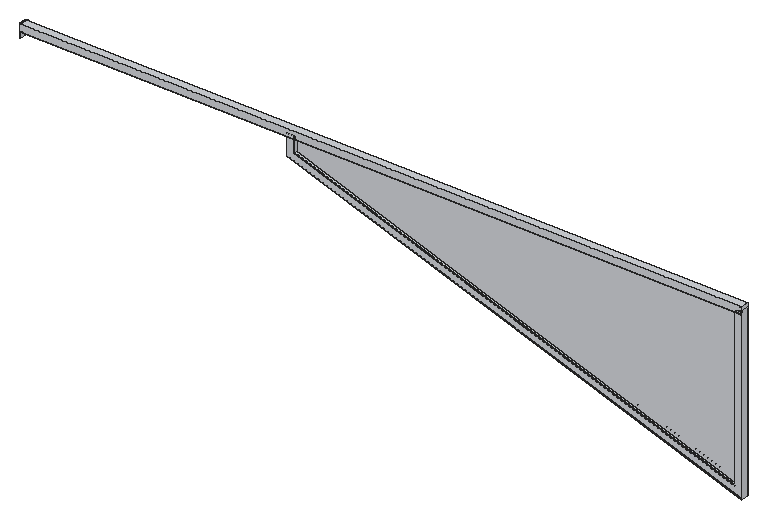
Revit family "Barrier_Gate_AutoGate_Barracuda", category Generic Models, Revit 2015
Parameters (values of type "Size as Specified")
  convexmass [instance] = yes
  concavemass [instance] = no
  Warranty Duration (Years) = 0
  Unit Width [instance] = 20' - 0"
  Unit Height [instance] = 5' - 0"
  URL = "http://autogate.com/"
  Tubing_Round [instance] = 1 = 0  # no
  Specification = "http://www.arcat.com/sdspecs/htm04/32_31_00saf.htm"
  SpecWizard = ""
  Space Below Gate [instance] = 0' - 3"
  Send Message = ""
  Sales Information = "http://autogate.com/about-us/contact/"
  Revision = "R1_2016-11"
  ProfileSize [instance] = if(Tubing_Round, 0' 2 3/8", 0' 2 1/2")  # 0' - 2 1/2"
  ProfileRadius [instance] = if(Tubing_Round, 0' 1 1/8", 0' 0 1/16")  # 0' - 0 1/16"
  Product Properties = ""
  Product Data = "http://www.arcat.com/arcatcos/cos48/arc48891.html"
  Number of Interior Design Repeats = 36
  Model = "Barracuda 200"
  Midlocation [instance] = Unit Width * (5 / 8)  # 12' - 6"
  Maximum Size = "25 x 8 ft (W x H)"
  Mass Interior Design Shape Visible [instance] = yes
  Manufacturer Website = "http://autogate.com/"
  Manufacturer Phone - Toll Free = "800-944-4283"
  Manufacturer Phone = "419-588-2796"
  Manufacturer Fax = "419-588-3514"
  Manufacturer Address = "7306 Driver Rd.  P. O. Box 50  Berlin Heights, OH 44814"
  Manufacturer = "AutoGate, Inc"
  Maintenance Schedule (Months) = 0
  Keynote = "32 21 00"
  Interior Finish [instance] = none
  Installation-Fabrication = ""
  Installation Phase = ""
  Green Building-LEED = ""
  Frame Finish [instance] = none
  Expected Lifespan (Years) = 0
  Drawn By = "Sumex Design, Inc. / Robert S. Weygant, CSI, CDT, SCIP"
  Description = "AutoGate Barracuda Gate as Specified"
  Default Elevation = 0' - 0"
  Copyright = "©Arcat Inc."
  Construction Details = "http://www.arcat.com/details/autogate/autogate.html?coid=48891"
  Bottom Rail Height [instance] = 4' - 6 5/8"
  Assembly Code = "E1030900"
  Additional Barrier Width_Operator Side [instance] = 0' - 0"  # constant formula
  Additional Barrier Width_Non Operator Side [instance] = 0' - 0"  # constant formula
Reference planes (in)
  plane 1 "Center (Front/Back)": y = 0
  plane 2 "Bottom": z = 0
  plane 3 "Center (Left/Right)": x = 0
  plane 4 "Front": y = -1.25
  plane 5 "Back": y = 1.25
  plane 6 "Left": x = -120
  plane 7 "Right": x = 120
  plane 8 "Top": z = 60
  plane 9: z = 3
  plane 10: z = 5.5
  plane 11: x = 120
  plane 12: x = -120
  plane 13: z = 4.25
  plane 14: x = -117.5
  plane 15: x = 117.5
  plane 16: z = 58.75
  plane 17: z = 57.5
  plane 18: x = -60
  plane 19: x = 60
  plane 20: x = -30
Forms (in)
  Extrusion 1, solid
    sketch origin (-120, 16.34522, 48) x (0, 1, 0) y (0, 0, 1)
      loop
        line (-17.34522, 7.62326) -> (-15.34522, 7.62326) -> (-15.34522, 12) -> (-17.34522, 12) -> (-17.34522, 7.62326)
    from 0 to -0.25
  Sweep 2, solid, material <- "Frame Finish"
    path origin (0, 0, 0) x (1, 0, 0) y (0, 0, 1)
      loop
        line (-120, 60) -> (120, 60)
    profile origin (0, 0, 60) x (0, 0, 1) y (0, -1, 0)
      loop
        arc (0, 1.1875) -> (-0.01831, 1.23169) -> (-0.0625, 1.25) r 0.0625
        line (-0.0625, 1.25) -> (-2.4375, 1.25)
        arc (-2.4375, 1.25) -> (-2.48169, 1.23169) -> (-2.5, 1.1875) r 0.0625
        line (-2.5, 1.1875) -> (-2.5, -1.1875)
        arc (-2.5, -1.1875) -> (-2.48169, -1.23169) -> (-2.4375, -1.25) r 0.0625
        line (-2.4375, -1.25) -> (-0.0625, -1.25)
        arc (-0.0625, -1.25) -> (-0.01831, -1.23169) -> (0, -1.1875) r 0.0625
        line (0, -1.1875) -> (0, 1.1875)
  Sweep 3, solid, material <- "Frame Finish"
    path origin (0, 0, 0) x (1, 0, 0) y (0, 0, 1)
      loop
        line (-30, 58.75) -> (-30, 52.75) -> (118.75, 4.25) -> (118.75, 58.75)
    profile origin (-30, 0, 55.75) x (0, -1, 0) y (1, 0, 0)
      loop
        arc (-1.25, -1.1875) -> (-1.23169, -1.23169) -> (-1.1875, -1.25) r 0.0625
        line (-1.1875, -1.25) -> (1.1875, -1.25)
        arc (1.1875, -1.25) -> (1.23169, -1.23169) -> (1.25, -1.1875) r 0.0625
        line (1.25, -1.1875) -> (1.25, 1.1875)
        arc (1.25, 1.1875) -> (1.23169, 1.23169) -> (1.1875, 1.25) r 0.0625
        line (1.1875, 1.25) -> (-1.1875, 1.25)
        arc (-1.1875, 1.25) -> (-1.23169, 1.23169) -> (-1.25, 1.1875) r 0.0625
        line (-1.25, 1.1875) -> (-1.25, -1.1875)
  Extrusion 4, solid, material <- "Interior Finish", visible <- "Mass Interior Design Shape Visible"
    sketch origin (0, 0, 0) x (1, 0, 0) y (0, 0, 1)
      loop
        line (-30, 58.75) -> (-30, 52.62038) -> (118.75, 4.25) -> (118.75, 58.75) -> (-30, 58.75)
    from 0.25 to -0.25
Dimensions and locks (in)
  equal spacing: plane 6 "Left", plane 3 "Center (Left/Right)", plane 7 "Right"
  "Unit Width": plane 6 "Left" to plane 7 "Right"
  equal spacing: plane 5 "Back", plane 1 "Center (Front/Back)", plane 4 "Front"
  "ProfileSize": plane 5 "Back" to plane 4 "Front"
  "Unit Height": plane 8 "Top" to level
  "Space Below Gate": plane 9 to level
  "ProfileSize": plane 10 to plane 9
  "Additional Barrier Width_Non Operator Side": plane 6 "Left" to plane 12
  "Additional Barrier Width_Operator Side": plane 11 to plane 7 "Right"
  Extrusion 1 sketch curve to plane 1 "Center (Front/Back)" to Extrusion 1 sketch curve = 0' - 1" locked, 0' - 1" locked
  equal spacing: plane 10, plane 13, plane 9
  "ProfileSize": plane 14 to plane 6 "Left"
  "ProfileSize": plane 11 to plane 15
  equal spacing: plane 8 "Top", plane 16, plane 17
  "ProfileSize": plane 8 "Top" to plane 17
  equal spacing: plane 3 "Center (Left/Right)", plane 18, plane 6 "Left"
  equal spacing: plane 7 "Right", plane 19, plane 3 "Center (Left/Right)"
  "ProfileSize": plane 8 "Top" to Sweep 2 sketch curve
  "Midlocation": plane 11 to plane 20
  locked: plane 16 to Sweep 3 sketch curve at 6
  equal spacing: Sweep 3 sketch curve, profile plane, Sweep 3 sketch curve
  "ProfileSize": Sweep 3 sketch curve to Sweep 3 sketch curve
  equal spacing: plane 15, Sweep 3 sketch curve, plane 11
  locked: plane 8 "Top" to Extrusion 1 sketch curve at 4.37674
  equal spacing: plane 15, Extrusion 4 sketch curve, plane 11
  locked: plane 16 to Extrusion 4 sketch curve at 6.12962
  "ProfileRadius": radius of Sweep 2 sketch curve  (x4)
  "ProfileRadius": radius of Sweep 3 sketch curve  (x4)
  aligned and locked: Sweep 2 sketch curve to plane 8 "Top"
  aligned and locked: plane 11 to Sweep 2 sketch curve
  aligned and locked: plane 12 to Sweep 2 sketch curve
  aligned and locked: plane 4 "Front" to Sweep 2 sketch curve
  aligned and locked: Sweep 2 sketch curve to plane 5 "Back"
  aligned and locked: plane 16 to Sweep 3 sketch curve
  aligned and locked: Sweep 3 sketch curve to plane 20
  aligned and locked: Sweep 3 sketch curve to plane 5 "Back"
  aligned and locked: plane 4 "Front" to Sweep 3 sketch curve
  aligned and locked: Sweep 3 sketch curve to plane 16
  aligned and locked: Sweep 3 sketch curve to plane 13
  aligned and locked: Extrusion 1 sketch curve to plane 8 "Top"
  aligned and locked: Extrusion 4 sketch curve to plane 16
  aligned and locked: plane 20 to Extrusion 4 sketch curve
  aligned and locked: Extrusion 4 sketch curve to plane 13
Automatic sketch dimensions
  profile plane to Sweep 2 sketch curve = 0' - 0"
